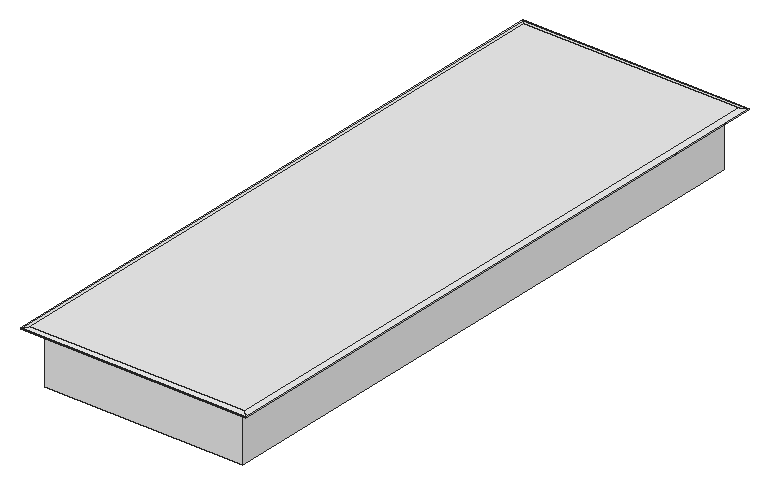
Revit family "Panel_Leviton_Indoor_42Pos", category Electrical Equipment, Revit 2026 (continued)
Definition of nested family "FrontView_42pos"
  Lines and regions (in)
    model lines
      curve 881: line (7.49048, 25.85738, 0) -> (7.49048, 25.84738, 0)
      curve 882: line (7.49048, 26.89749, 0) -> (7.49048, 26.88749, 0)
      curve 883: line (7.49048, 27.9376, 0) -> (7.49048, 27.9276, 0)
      curve 884: line (6.52371, 28.9904, 0) -> (6.53892, 28.9904, 0)
      curve 885: line (9.65904, 28.9904, 0) -> (9.67425, 28.9904, 0)
      curve 886: line (6.59441, 28.9904, 0) -> (6.5792, 28.98771, 0)
      curve 887: line (9.71453, 28.98771, 0) -> (9.72974, 28.9904, 0)
      curve 888: line (6.3568, 23.77716, 0) -> (6.3568, 23.76716, 0)
      curve 889: line (6.3568, 24.81727, 0) -> (6.3568, 24.80727, 0)
      curve 890: line (6.3568, 25.85738, 0) -> (6.3568, 25.84738, 0)
      curve 891: line (6.3568, 26.89749, 0) -> (6.3568, 26.88749, 0)
      curve 892: line (6.3568, 27.9376, 0) -> (6.3568, 27.9276, 0)
      curve 893: line (9.89665, 23.77716, 0) -> (9.89665, 23.76716, 0)
      curve 894: line (9.89665, 24.81727, 0) -> (9.89665, 24.80727, 0)
      curve 895: line (9.89665, 25.85738, 0) -> (9.89665, 25.84738, 0)
      curve 896: line (9.89665, 26.89749, 0) -> (9.89665, 26.88749, 0)
      curve 897: line (9.89665, 27.9376, 0) -> (9.89665, 27.9276, 0)
      curve 898: line (8.99187, 31.63958, 0) -> (8.94607, 31.60204, 0)
      curve 899: line (8.94607, 31.60204, 0) -> (8.89451, 31.53044, 0)
      curve 900: line (8.89451, 31.53044, 0) -> (8.86276, 31.44647, 0)
      curve 901: line (8.86276, 31.44647, 0) -> (8.85404, 31.35866, 0)
      curve 902: line (8.85404, 31.35866, 0) -> (8.86821, 31.27157, 0)
      curve 903: line (8.86821, 31.27157, 0) -> (8.90513, 31.18975, 0)
      curve 904: line (8.90513, 31.18975, 0) -> (8.96106, 31.1215, 0)
      curve 905: line (8.96106, 31.1215, 0) -> (9.03266, 31.06994, 0)
      curve 906: line (9.03266, 31.06994, 0) -> (9.11663, 31.03819, 0)
      curve 907: line (9.11663, 31.03819, 0) -> (9.20444, 31.02947, 0)
      curve 908: line (9.20444, 31.02947, 0) -> (9.29153, 31.04364, 0)
      curve 909: line (9.29153, 31.04364, 0) -> (9.37335, 31.08056, 0)
      curve 910: line (9.37335, 31.08056, 0) -> (9.44161, 31.13649, 0)
      curve 911: line (9.44161, 31.13649, 0) -> (9.49317, 31.20809, 0)
      curve 912: line (9.49317, 31.20809, 0) -> (9.52492, 31.29206, 0)
      curve 913: line (9.52492, 31.29206, 0) -> (9.53363, 31.37987, 0)
      curve 914: line (9.53363, 31.37987, 0) -> (9.51946, 31.46696, 0)
      curve 915: line (9.51946, 31.46696, 0) -> (9.48254, 31.54878, 0)
      curve 916: line (9.48254, 31.54878, 0) -> (9.42661, 31.61704, 0)
      curve 917: line (9.42661, 31.61704, 0) -> (9.35501, 31.6686, 0)
      curve 918: line (9.35501, 31.6686, 0) -> (9.27104, 31.70035, 0)
      curve 919: line (9.27104, 31.70035, 0) -> (9.18323, 31.70906, 0)
      curve 920: line (9.18323, 31.70906, 0) -> (9.09359, 31.69411, 0)
      curve 921: line (7.09663, 31.58231, 0) -> (7.03966, 31.56512, 0)
      curve 922: line (5.27792, 18.57004, 0) -> (6.19652, 18.57004, 0)
      curve 923: line (6.19827, 18.56795, 0) -> (6.25478, 18.56795, 0)
      curve 924: line (6.25653, 18.56969, 0) -> (6.44655, 18.56969, 0)
      curve 925: line (6.50655, 18.56969, 0) -> (6.61156, 18.56969, 0)
      curve 926: line (6.67157, 18.56969, 0) -> (7.53666, 18.56969, 0)
      curve 927: line (7.53858, 18.56778, 0) -> (7.5565, 18.56661, 0)
      curve 928: line (7.5565, 18.56661, 0) -> (7.53858, 18.57114, 0)
      curve 929: line (7.53667, 18.57108, 0) -> (7.49048, 18.57126, 0)
      curve 930: line (7.49048, 18.57126, 0) -> (6.42109, 18.57126, 0)
      curve 931: line (7.57619, 18.56661, 0) -> (7.59359, 18.56661, 0)
      curve 932: line (9.64188, 18.56969, 0) -> (9.74689, 18.56969, 0)
      curve 933: line (9.8069, 18.56969, 0) -> (9.99692, 18.56969, 0)
      curve 934: line (9.99867, 18.56795, 0) -> (10.05518, 18.56795, 0)
      curve 935: line (10.05693, 18.56969, 0) -> (11.64363, 18.56969, 0)
      curve 936: line (11.64584, 18.56795, 0) -> (11.70235, 18.56795, 0)
      curve 937: line (4.59961, 18.56795, 0) -> (4.55109, 18.56795, 0)
      curve 938: line (8.75679, 30.58158, 0) -> (8.75679, 30.55808, 0)
      curve 939: line (10.69863, 15.44628, 0) -> (10.69863, 15.45628, 0)
      curve 940: line (10.64122, 15.44628, 0) -> (10.64122, 15.45628, 0)
      curve 941: line (10.69863, 14.40617, 0) -> (10.69863, 14.41617, 0)
      curve 942: line (10.64122, 14.40617, 0) -> (10.64122, 14.41617, 0)
      curve 943: line (5.55481, 16.49639, 0) -> (5.55481, 16.48639, 0)
      curve 944: line (5.61222, 16.48639, 0) -> (5.61222, 16.49639, 0)
      curve 945: line (5.55481, 14.41617, 0) -> (5.55481, 14.40617, 0)
      curve 946: line (5.61222, 14.40617, 0) -> (5.61222, 14.41617, 0)
      curve 947: line (10.69863, 16.48639, 0) -> (10.69863, 16.49639, 0)
      curve 948: line (10.64122, 16.48639, 0) -> (10.64122, 16.49639, 0)
      curve 949: line (5.55481, 15.45628, 0) -> (5.55481, 15.44628, 0)
      curve 950: line (5.61222, 15.44628, 0) -> (5.61222, 15.45628, 0)
      curve 951: line (5.65222, 15.44628, 0) -> (5.65222, 15.45628, 0)
      curve 952: line (5.65222, 16.48639, 0) -> (5.65222, 16.49639, 0)
      curve 953: line (5.66312, 14.41617, 0) -> (5.65222, 14.40617, 0)
      curve 954: line (5.65222, 14.40617, 0) -> (5.65222, 14.41617, 0)
      curve 955: line (10.60123, 15.44628, 0) -> (10.60123, 15.45628, 0)
      curve 956: line (10.60123, 16.48639, 0) -> (10.60123, 16.49639, 0)
      curve 957: line (10.60123, 14.40617, 0) -> (10.60123, 14.41617, 0)
      curve 958: line (7.54724, 15.44628, 0) -> (7.54724, 15.45628, 0)
      curve 959: line (7.54724, 16.48639, 0) -> (7.54724, 16.49639, 0)
      curve 960: line (7.54724, 14.40617, 0) -> (7.54724, 14.41617, 0)
      curve 961: line (8.7062, 15.44628, 0) -> (8.7062, 15.45628, 0)
      curve 962: line (8.7062, 16.48639, 0) -> (8.7062, 16.49639, 0)
      curve 963: line (8.7062, 14.40617, 0) -> (8.7062, 14.41617, 0)
      curve 964: line (9.8312, 14.40617, 0) -> (9.8312, 14.41617, 0)
      curve 965: line (9.8312, 16.48639, 0) -> (9.8312, 16.49639, 0)
      curve 966: line (9.8312, 15.44628, 0) -> (9.8312, 15.45628, 0)
      curve 967: line (6.42225, 14.40617, 0) -> (6.42225, 14.41617, 0)
      curve 968: line (6.42225, 16.48639, 0) -> (6.42225, 16.49639, 0)
      curve 969: line (6.42225, 15.44628, 0) -> (6.42225, 15.45628, 0)
      curve 970: line (9.89619, 15.44628, 0) -> (9.89619, 15.45628, 0)
      curve 971: line (9.89619, 14.40617, 0) -> (9.89619, 14.41617, 0)
      curve 972: line (9.89619, 16.48639, 0) -> (9.89619, 16.49639, 0)
      curve 973: line (6.35725, 14.40617, 0) -> (6.35725, 14.41617, 0)
      curve 974: line (6.35725, 16.48639, 0) -> (6.35725, 16.49639, 0)
      curve 975: line (6.35725, 15.44628, 0) -> (6.35725, 15.45628, 0)
      curve 976: line (5.55481, 17.52978, 0) -> (5.55481, 17.5365, 0)
      curve 977: line (5.61222, 17.5365, 0) -> (5.61222, 17.52978, 0)
      curve 978: line (10.69863, 17.52978, 0) -> (10.69863, 17.5365, 0)
      curve 979: line (10.64122, 17.5365, 0) -> (10.64122, 17.52958, 0)
      curve 980: spline (5.65222, 13.37292, 0) -> (5.65216, 13.37294, 0) -> (5.65205, 13.37296, 0) -> (5.65189, 13.37297, 0) -> (5.65168, 13.37299, 0) -> (5.65142, 13.373, 0) -> (5.65111, 13.37302, 0) -> (5.65075, 13.37303, 0) -> (5.65034, 13.37305, 0) -> (5.64987, 13.37307, 0) -> (5.64936, 13.37308, 0) -> (5.6488, 13.3731, 0) -> (5.6482, 13.37311, 0)
      curve 981: spline (6.42109, 13.37072, 0) -> (6.41281, 13.37071, 0) -> (6.40468, 13.3707, 0) -> (6.39684, 13.37067, 0) -> (6.38941, 13.37064, 0) -> (6.38252, 13.3706, 0) -> (6.37628, 13.37055, 0) -> (6.37079, 13.3705, 0) -> (6.36614, 13.37044, 0) -> (6.36241, 13.37037, 0) -> (6.35966, 13.3703, 0) -> (6.35793, 13.37023, 0) -> (6.35725, 13.37016, 0)
      curve 982: spline (7.59867, 13.37298, 0) -> (7.59268, 13.37297, 0) -> (7.58685, 13.37295, 0) -> (7.58123, 13.37293, 0) -> (7.57586, 13.3729, 0) -> (7.5708, 13.37287, 0) -> (7.56609, 13.37284, 0) -> (7.56177, 13.3728, 0) -> (7.55788, 13.37276, 0) -> (7.55445, 13.37271, 0) -> (7.55152, 13.37267, 0) -> (7.54911, 13.37262, 0) -> (7.54724, 13.37257, 0)
      curve 983: spline (8.70606, 13.37257, 0) -> (8.70416, 13.37262, 0) -> (8.70173, 13.37267, 0) -> (8.69878, 13.37272, 0) -> (8.69535, 13.37276, 0) -> (8.69146, 13.3728, 0) -> (8.68716, 13.37284, 0) -> (8.68246, 13.37287, 0) -> (8.67743, 13.3729, 0) -> (8.67209, 13.37293, 0) -> (8.66651, 13.37295, 0) -> (8.66072, 13.37297, 0) -> (8.65478, 13.37298, 0)
      curve 984: spline (9.89619, 13.37016, 0) -> (9.8955, 13.37023, 0) -> (9.89374, 13.3703, 0) -> (9.89093, 13.37037, 0) -> (9.88712, 13.37044, 0) -> (9.88237, 13.3705, 0) -> (9.87676, 13.37055, 0) -> (9.8704, 13.3706, 0) -> (9.86337, 13.37064, 0) -> (9.85581, 13.37067, 0) -> (9.84784, 13.3707, 0) -> (9.83959, 13.37071, 0) -> (9.8312, 13.37072, 0)
      curve 985: spline (10.69863, 13.37325, 0) -> (10.69457, 13.37327, 0) -> (10.69021, 13.3733, 0) -> (10.6856, 13.37332, 0) -> (10.68079, 13.37333, 0) -> (10.67582, 13.37334, 0) -> (10.67076, 13.37335, 0) -> (10.66564, 13.37335, 0) -> (10.66054, 13.37335, 0) -> (10.65549, 13.37334, 0) -> (10.65055, 13.37333, 0) -> (10.64578, 13.37331, 0) -> (10.64122, 13.37329, 0)
      curve 986: spline (10.69863, 13.37325, 0) -> (10.70368, 13.37321, 0) -> (10.70874, 13.37317, 0) -> (10.71382, 13.37314, 0) -> (10.71892, 13.3731, 0) -> (10.72403, 13.37306, 0) -> (10.72916, 13.37303, 0) -> (10.73431, 13.37299, 0) -> (10.73948, 13.37295, 0) -> (10.74467, 13.37292, 0) -> (10.74987, 13.37288, 0) -> (10.75509, 13.37285, 0) -> (10.76033, 13.37281, 0)
      curve 987: spline (5.49308, 13.37281, 0) -> (5.49832, 13.37285, 0) -> (5.50354, 13.37288, 0) -> (5.50875, 13.37292, 0) -> (5.51394, 13.37295, 0) -> (5.51911, 13.37299, 0) -> (5.52426, 13.37303, 0) -> (5.5294, 13.37306, 0) -> (5.53452, 13.3731, 0) -> (5.53962, 13.37314, 0) -> (5.5447, 13.37317, 0) -> (5.54977, 13.37321, 0) -> (5.55481, 13.37325, 0)
      curve 988: spline (5.61222, 13.37329, 0) -> (5.60766, 13.37331, 0) -> (5.60289, 13.37333, 0) -> (5.59796, 13.37334, 0) -> (5.59291, 13.37335, 0) -> (5.5878, 13.37335, 0) -> (5.58269, 13.37335, 0) -> (5.57762, 13.37334, 0) -> (5.57266, 13.37333, 0) -> (5.56785, 13.37332, 0) -> (5.56324, 13.3733, 0) -> (5.55888, 13.37327, 0) -> (5.55481, 13.37325, 0)
      curve 989: spline (9.8312, 17.52801, 0) -> (9.83959, 17.52802, 0) -> (9.84784, 17.52803, 0) -> (9.85581, 17.52806, 0) -> (9.86337, 17.52809, 0) -> (9.87039, 17.52813, 0) -> (9.87676, 17.52818, 0) -> (9.88236, 17.52823, 0) -> (9.88711, 17.52829, 0) -> (9.89092, 17.52836, 0) -> (9.89374, 17.52843, 0) -> (9.8955, 17.5285, 0) -> (9.89619, 17.52857, 0)
      curve 990: spline (6.35725, 17.52857, 0) -> (6.35794, 17.5285, 0) -> (6.35971, 17.52843, 0) -> (6.36252, 17.52836, 0) -> (6.36633, 17.52829, 0) -> (6.37108, 17.52823, 0) -> (6.37669, 17.52818, 0) -> (6.38305, 17.52813, 0) -> (6.39007, 17.52809, 0) -> (6.39764, 17.52806, 0) -> (6.40561, 17.52803, 0) -> (6.41386, 17.52802, 0) -> (6.42225, 17.52801, 0)
      curve 991: spline (6.42225, 17.53222, 0) -> (6.41386, 17.53221, 0) -> (6.40561, 17.53218, 0) -> (6.39764, 17.53214, 0) -> (6.39007, 17.53207, 0) -> (6.38305, 17.53199, 0) -> (6.37669, 17.5319, 0) -> (6.37108, 17.53179, 0) -> (6.36633, 17.53166, 0) -> (6.36252, 17.53153, 0) -> (6.35971, 17.5314, 0) -> (6.35794, 17.53125, 0) -> (6.35725, 17.53111, 0)
      curve 992: spline (7.56889, 17.5365, 0) -> (7.56633, 17.53646, 0) -> (7.56388, 17.53642, 0) -> (7.56157, 17.53638, 0) -> (7.55938, 17.53634, 0) -> (7.55733, 17.53629, 0) -> (7.55543, 17.53624, 0) -> (7.55367, 17.53619, 0) -> (7.55206, 17.53614, 0) -> (7.55061, 17.53608, 0) -> (7.54932, 17.53603, 0) -> (7.5482, 17.53597, 0) -> (7.54724, 17.53592, 0)
      curve 993: spline (8.7062, 17.53592, 0) -> (8.70524, 17.53597, 0) -> (8.70412, 17.53603, 0) -> (8.70283, 17.53608, 0) -> (8.70138, 17.53614, 0) -> (8.69977, 17.53619, 0) -> (8.69801, 17.53624, 0) -> (8.69611, 17.53629, 0) -> (8.69406, 17.53634, 0) -> (8.69188, 17.53638, 0) -> (8.68956, 17.53642, 0) -> (8.68712, 17.53646, 0) -> (8.68456, 17.5365, 0)
      curve 994: spline (9.89619, 17.53111, 0) -> (9.8955, 17.53125, 0) -> (9.89374, 17.5314, 0) -> (9.89092, 17.53153, 0) -> (9.88711, 17.53166, 0) -> (9.88236, 17.53179, 0) -> (9.87676, 17.5319, 0) -> (9.87039, 17.53199, 0) -> (9.86337, 17.53207, 0) -> (9.85581, 17.53214, 0) -> (9.84784, 17.53218, 0) -> (9.83959, 17.53221, 0) -> (9.8312, 17.53222, 0)
      curve 995: line (11.76511, 15.42628, 0) -> (8.65478, 15.41729, 0)
      curve 996: line (8.65478, 15.41729, 0) -> (8.65478, 15.26874, 0)
      curve 997: line (8.65478, 15.26874, 0) -> (11.76511, 15.26874, 0)
      curve 998: line (11.76511, 15.26874, 0) -> (11.76511, 15.24177, 0)
      curve 999: line (11.76511, 15.24177, 0) -> (8.65478, 15.24177, 0)
      curve 1000: line (8.65478, 15.24177, 0) -> (8.65478, 15.26874, 0)
      curve 1001: line (8.65478, 17.34896, 0) -> (8.65478, 17.32199, 0)
      curve 1002: line (8.65478, 17.32199, 0) -> (11.76511, 17.32199, 0)
      curve 1003: line (11.76511, 17.32199, 0) -> (11.76511, 17.34896, 0)
      curve 1004: line (11.76511, 17.34896, 0) -> (11.76511, 17.49751, 0)
      curve 1005: line (7.59867, 16.46639, 0) -> (4.48834, 16.4574, 0)
      curve 1006: line (4.48834, 16.4574, 0) -> (4.48834, 16.30885, 0)
      curve 1007: line (4.48834, 16.30885, 0) -> (7.59867, 16.30885, 0)
      curve 1008: line (7.59867, 16.30885, 0) -> (7.59867, 16.28188, 0)
      curve 1009: line (7.59867, 16.28188, 0) -> (4.48834, 16.28188, 0)
      curve 1010: line (4.48834, 16.28188, 0) -> (4.48834, 16.30885, 0)
      curve 1011: line (4.48834, 14.22864, 0) -> (7.59867, 14.22864, 0)
      curve 1012: line (7.59867, 14.22864, 0) -> (7.59867, 14.20166, 0)
      curve 1013: line (7.59867, 14.20166, 0) -> (4.48834, 14.20166, 0)
      curve 1014: line (4.48834, 14.20166, 0) -> (4.48834, 14.22864, 0)
      curve 1015: line (4.48834, 14.22864, 0) -> (4.48834, 14.37718, 0)
      curve 1016: line (4.48834, 14.37718, 0) -> (7.59867, 14.38617, 0)
      curve 1017: line (4.48834, 18.3621, 0) -> (7.59867, 18.3621, 0)
      curve 1018: line (4.48834, 18.38907, 0) -> (4.48834, 18.3621, 0)
      curve 1019: line (4.48834, 18.3621, 0) -> (4.48834, 17.5365, 0)
      curve 1020: line (4.48834, 17.5365, 0) -> (7.59867, 17.5365, 0)
      curve 1021: line (7.59867, 17.5365, 0) -> (7.59867, 18.3621, 0)
      curve 1022: line (7.59867, 18.3621, 0) -> (7.59867, 18.38907, 0)
      curve 1023: line (8.65478, 17.32199, 0) -> (8.65478, 16.49639, 0)
      curve 1024: line (8.65478, 16.49639, 0) -> (11.76511, 16.49639, 0)
      curve 1025: line (11.76511, 16.49639, 0) -> (11.76511, 17.32199, 0)
      curve 1026: line (8.65478, 15.24177, 0) -> (8.65478, 14.41617, 0)
      curve 1027: line (8.65478, 14.41617, 0) -> (11.76511, 14.41617, 0)
      curve 1028: line (11.76511, 14.41617, 0) -> (11.76511, 15.24177, 0)
      curve 1029: line (4.48834, 16.28188, 0) -> (4.48834, 15.45628, 0)
      curve 1030: line (4.48834, 15.45628, 0) -> (7.59867, 15.45628, 0)
      curve 1031: line (7.59867, 15.45628, 0) -> (7.59867, 16.28188, 0)
      curve 1032: line (4.48834, 14.20166, 0) -> (4.48834, 13.37606, 0)
      curve 1033: line (4.48834, 13.37606, 0) -> (7.59867, 13.37606, 0)
      curve 1034: line (7.59867, 13.37606, 0) -> (7.59867, 14.20166, 0)
      curve 1035: line (4.48834, 15.26874, 0) -> (4.48834, 15.24177, 0)
      curve 1036: line (4.48834, 15.24177, 0) -> (7.59867, 15.24177, 0)
      curve 1037: line (7.59867, 15.24177, 0) -> (7.59867, 15.26874, 0)
      curve 1038: line (7.59867, 15.26874, 0) -> (7.59867, 15.41729, 0)
      curve 1039: line (8.65478, 14.22864, 0) -> (11.76511, 14.22864, 0)
      curve 1040: line (11.76511, 14.22864, 0) -> (11.76511, 14.20166, 0)
      curve 1041: line (11.76511, 14.20166, 0) -> (8.65478, 14.20166, 0)
      curve 1042: line (8.65478, 14.20166, 0) -> (8.65478, 14.22864, 0)
      curve 1043: line (8.65478, 14.22864, 0) -> (8.65478, 14.37718, 0)
      curve 1044: line (8.65478, 14.37718, 0) -> (8.65478, 14.38617, 0)
      curve 1045: line (8.65478, 18.54661, 0) -> (8.65478, 18.53762, 0)
      curve 1046: line (8.65478, 18.53762, 0) -> (8.65478, 18.38907, 0)
      curve 1047: line (8.65478, 18.38907, 0) -> (8.65478, 18.3621, 0)
      curve 1048: line (8.65478, 18.3621, 0) -> (11.76511, 18.3621, 0)
      curve 1049: line (8.65478, 16.30885, 0) -> (11.76511, 16.30885, 0)
      curve 1050: line (11.76511, 16.30885, 0) -> (11.76511, 16.28188, 0)
      curve 1051: line (11.76511, 16.28188, 0) -> (8.65478, 16.28188, 0)
      curve 1052: line (8.65478, 16.28188, 0) -> (8.65478, 16.30885, 0)
      curve 1053: line (8.65478, 16.30885, 0) -> (8.65478, 16.4574, 0)
      curve 1054: line (8.65478, 16.4574, 0) -> (11.76511, 16.46639, 0)
      curve 1055: line (4.48834, 17.34896, 0) -> (4.48834, 17.32199, 0)
      curve 1056: line (4.48834, 17.32199, 0) -> (7.59867, 17.32199, 0)
      curve 1057: line (7.59867, 17.32199, 0) -> (7.59867, 17.34896, 0)
      curve 1058: line (8.65478, 16.28188, 0) -> (8.65478, 15.45628, 0)
      curve 1059: line (8.65478, 15.45628, 0) -> (11.76511, 15.45628, 0)
      curve 1060: line (11.76511, 15.45628, 0) -> (11.76511, 16.28188, 0)
      curve 1061: line (7.59867, 14.41617, 0) -> (4.48834, 14.41617, 0)
      curve 1062: line (4.48834, 14.41617, 0) -> (4.48834, 15.24177, 0)
      curve 1063: line (10.76033, 13.37281, 0) -> (11.76511, 13.37606, 0)
      curve 1064: line (11.76511, 13.37606, 0) -> (11.76511, 14.20166, 0)
      curve 1065: line (9.58188, 13.36915, 0) -> (8.65478, 13.37255, 0)
      curve 1066: line (8.65478, 13.37255, 0) -> (8.7246, 13.37028, 0)
      curve 1067: line (8.7246, 13.37028, 0) -> (9.66299, 13.37028, 0)
      curve 1068: line (9.66718, 13.36923, 0) -> (9.7216, 13.36923, 0)
      curve 1069: line (9.72579, 13.37028, 0) -> (9.8469, 13.37028, 0)
      curve 1070: line (9.85005, 13.3695, 0) -> (11.64363, 13.3695, 0)
      curve 1071: line (11.64363, 13.36915, 0) -> (11.70992, 13.36915, 0)
      curve 1072: line (11.70992, 13.36915, 0) -> (11.76511, 13.37606, 0)
      curve 1073: line (11.76511, 13.37606, 0) -> (8.65478, 13.37606, 0)
      curve 1074: line (8.65478, 13.37606, 0) -> (8.65478, 14.20166, 0)
      curve 1075: line (8.65478, 18.38907, 0) -> (11.76511, 18.38907, 0)
      curve 1076: line (4.48834, 17.32199, 0) -> (4.48834, 16.49639, 0)
      curve 1077: line (4.48834, 16.49639, 0) -> (7.59867, 16.49639, 0)
      curve 1078: line (7.59867, 16.49639, 0) -> (7.59867, 17.32199, 0)
      curve 1079: line (4.48834, 15.42628, 0) -> (4.48834, 15.41729, 0)
      curve 1080: line (4.48834, 15.41729, 0) -> (7.59867, 15.41729, 0)
      curve 1081: line (7.59867, 15.41729, 0) -> (7.59867, 15.42628, 0)
      curve 1082: line (7.59867, 15.42628, 0) -> (4.48834, 15.41729, 0)
      curve 1083: line (4.48834, 15.41729, 0) -> (4.48834, 15.26874, 0)
      curve 1084: line (4.48834, 15.26874, 0) -> (7.59867, 15.26874, 0)
      curve 1085: line (7.59867, 18.54661, 0) -> (4.48834, 18.53762, 0)
      curve 1086: line (4.48834, 18.53762, 0) -> (7.59867, 18.53762, 0)
      curve 1087: line (7.59867, 18.53762, 0) -> (7.59867, 18.38907, 0)
      curve 1088: line (7.59867, 18.38907, 0) -> (4.48834, 18.38907, 0)
      curve 1089: line (4.48834, 18.38907, 0) -> (4.48834, 18.53762, 0)
      curve 1090: line (4.48834, 18.53762, 0) -> (4.48834, 18.54661, 0)
      curve 1091: line (11.76511, 14.38617, 0) -> (8.65478, 14.37718, 0)
      curve 1092: line (8.65478, 14.37718, 0) -> (11.76511, 14.37718, 0)
      curve 1093: line (11.76511, 14.37718, 0) -> (11.76511, 14.22864, 0)
      curve 1094: line (4.48834, 14.38617, 0) -> (4.48834, 14.37718, 0)
      curve 1095: line (4.48834, 14.37718, 0) -> (7.59867, 14.37718, 0)
      curve 1096: line (7.59867, 14.37718, 0) -> (7.59867, 14.22864, 0)
      curve 1097: line (8.65478, 15.42628, 0) -> (8.65478, 15.41729, 0)
      curve 1098: line (8.65478, 15.41729, 0) -> (11.76511, 15.41729, 0)
      curve 1099: line (11.76511, 15.41729, 0) -> (11.76511, 15.26874, 0)
      curve 1100: line (8.65478, 17.5065, 0) -> (8.65478, 17.49751, 0)
      curve 1101: line (8.65478, 17.49751, 0) -> (11.76511, 17.49751, 0)
      curve 1102: line (11.76511, 17.49751, 0) -> (11.76511, 17.5065, 0)
      curve 1103: line (11.76511, 17.5065, 0) -> (8.65478, 17.49751, 0)
      curve 1104: line (8.65478, 17.49751, 0) -> (8.65478, 17.34896, 0)
      curve 1105: line (8.65478, 17.34896, 0) -> (11.76511, 17.34896, 0)
      curve 1106: line (8.65478, 18.3621, 0) -> (8.65478, 17.5365, 0)
      curve 1107: line (8.65478, 17.5365, 0) -> (11.76511, 17.5365, 0)
      curve 1108: line (11.76511, 17.5365, 0) -> (11.76511, 18.3621, 0)
      curve 1109: line (11.76511, 18.3621, 0) -> (11.76511, 18.38907, 0)
      curve 1110: line (11.76511, 18.38907, 0) -> (11.76511, 18.54661, 0)
      curve 1111: line (11.76511, 18.54661, 0) -> (8.65478, 18.53762, 0)
      curve 1112: line (8.65478, 18.53762, 0) -> (11.76511, 18.53762, 0)
      curve 1113: line (4.48834, 16.46639, 0) -> (4.48834, 16.4574, 0)
      curve 1114: line (4.48834, 16.4574, 0) -> (7.59867, 16.4574, 0)
      curve 1115: line (7.59867, 16.4574, 0) -> (7.59867, 16.30885, 0)
      curve 1116: line (8.65478, 16.46639, 0) -> (8.65478, 16.4574, 0)
      curve 1117: line (8.65478, 16.4574, 0) -> (11.76511, 16.4574, 0)
      curve 1118: line (11.76511, 16.4574, 0) -> (11.76511, 16.30885, 0)
      curve 1119: line (4.48834, 17.5065, 0) -> (4.48834, 17.49751, 0)
      curve 1120: line (4.48834, 17.49751, 0) -> (7.59867, 17.49751, 0)
      curve 1121: line (7.59867, 17.49751, 0) -> (7.59867, 17.5065, 0)
      curve 1122: line (7.59867, 17.5065, 0) -> (4.48834, 17.49751, 0)
      curve 1123: line (4.48834, 17.49751, 0) -> (4.48834, 17.34896, 0)
      curve 1124: line (4.48834, 17.34896, 0) -> (7.59867, 17.34896, 0)
      curve 1125: line (7.59867, 17.34896, 0) -> (7.59867, 17.49751, 0)
      curve 1126: line (8.65478, 13.37606, 0) -> (8.65478, 13.36606, 0)
      curve 1127: line (8.65478, 13.36606, 0) -> (11.76511, 13.36606, 0)
      curve 1128: line (11.76511, 13.36606, 0) -> (11.76511, 13.37606, 0)
      curve 1129: line (8.65478, 16.49639, 0) -> (8.65478, 16.48639, 0)
      curve 1130: line (8.65478, 16.48639, 0) -> (11.76511, 16.48639, 0)
      curve 1131: line (11.76511, 16.48639, 0) -> (11.76511, 16.49639, 0)
      curve 1132: line (8.65478, 15.45628, 0) -> (8.65478, 15.44628, 0)
      curve 1133: line (8.65478, 15.44628, 0) -> (11.76511, 15.44628, 0)
      curve 1134: line (11.76511, 15.44628, 0) -> (11.76511, 15.45628, 0)
      curve 1135: line (8.65478, 14.41617, 0) -> (8.65478, 14.40617, 0)
      curve 1136: line (8.65478, 14.40617, 0) -> (11.76511, 14.40617, 0)
      curve 1137: line (11.76511, 14.40617, 0) -> (11.76511, 14.41617, 0)
      curve 1138: line (4.48834, 13.37606, 0) -> (4.48834, 13.36606, 0)
      curve 1139: line (4.48834, 13.36606, 0) -> (7.59867, 13.36606, 0)
      curve 1140: line (7.59867, 13.36606, 0) -> (7.59867, 13.37606, 0)
      curve 1141: line (7.59867, 13.37255, 0) -> (7.52885, 13.37028, 0)
      curve 1142: line (7.52885, 13.37028, 0) -> (6.59046, 13.37028, 0)
      curve 1143: line (6.58627, 13.36923, 0) -> (6.53185, 13.36923, 0)
      curve 1144: line (6.52766, 13.37028, 0) -> (6.40654, 13.37028, 0)
      curve 1145: line (6.4034, 13.3695, 0) -> (4.61121, 13.3695, 0)
      curve 1146: line (4.61121, 13.3695, 0) -> (4.54353, 13.36915, 0)
      curve 1147: line (4.54353, 13.36915, 0) -> (4.48834, 13.36915, 0)
      curve 1148: line (4.48834, 13.36915, 0) -> (5.49308, 13.37281, 0)
      curve 1149: line (4.48834, 16.49639, 0) -> (4.48834, 16.48639, 0)
      curve 1150: line (4.48834, 16.48639, 0) -> (7.59867, 16.48639, 0)
      curve 1151: line (7.59867, 16.48639, 0) -> (7.59867, 16.49639, 0)
      curve 1152: line (4.48834, 15.45628, 0) -> (4.48834, 15.44628, 0)
      curve 1153: line (4.48834, 15.44628, 0) -> (7.59867, 15.44628, 0)
      curve 1154: line (7.59867, 15.44628, 0) -> (7.59867, 15.45628, 0)
      curve 1155: line (4.48834, 14.41617, 0) -> (4.48834, 14.40617, 0)
      curve 1156: line (4.48834, 14.40617, 0) -> (7.59867, 14.40617, 0)
      curve 1157: line (7.59867, 14.40617, 0) -> (7.59867, 14.41617, 0)
      curve 1158: line (7.59867, 14.41617, 0) -> (7.59867, 15.24177, 0)
      curve 1159: line (5.61222, 13.37329, 0) -> (5.65812, 13.36997, 0)
      curve 1160: line (5.65812, 13.36997, 0) -> (5.65222, 13.37292, 0)
      curve 1161: line (5.65222, 13.37292, 0) -> (5.65812, 13.36997, 0)
      curve 1162: line (5.65812, 13.36997, 0) -> (6.3568, 13.36997, 0)
      curve 1163: line (9.8312, 13.37072, 0) -> (8.76297, 13.37072, 0)
      curve 1164: line (8.76297, 13.37072, 0) -> (8.70606, 13.37257, 0)
      curve 1165: line (9.89619, 13.37016, 0) -> (10.59033, 13.37016, 0)
      curve 1166: line (10.59533, 13.36997, 0) -> (10.64122, 13.37329, 0)
      curve 1167: line (9.83754, 17.53135, 0) -> (9.8312, 17.52801, 0)
      curve 1168: line (9.8312, 17.52801, 0) -> (8.76297, 17.52801, 0)
      curve 1169: line (8.76297, 17.52801, 0) -> (8.71658, 17.5265, 0)
      curve 1170: line (8.71658, 17.5265, 0) -> (8.72076, 17.5316, 0)
      curve 1171: line (8.72076, 17.5316, 0) -> (8.76297, 17.53222, 0)
      curve 1172: line (8.76297, 17.53222, 0) -> (9.8312, 17.53222, 0)
      curve 1173: line (7.53269, 17.5316, 0) -> (7.53687, 17.5265, 0)
      curve 1174: line (7.53687, 17.5265, 0) -> (7.49048, 17.52801, 0)
      curve 1175: line (7.49048, 17.52801, 0) -> (6.42225, 17.52801, 0)
      curve 1176: line (6.42225, 17.52801, 0) -> (6.41591, 17.53135, 0)
      curve 1177: line (6.41277, 17.53135, 0) -> (7.49048, 17.53135, 0)
      curve 1178: line (7.49048, 17.53135, 0) -> (7.54724, 17.53592, 0)
      curve 1179: line (10.60525, 14.40617, 0) -> (10.60525, 14.41617, 0)
      curve 1180: line (10.60525, 15.44628, 0) -> (10.60525, 15.45628, 0)
      curve 1181: line (10.60525, 16.48639, 0) -> (10.60525, 16.49639, 0)
      curve 1182: line (5.6482, 14.40617, 0) -> (5.6482, 14.41617, 0)
      curve 1183: line (5.6482, 16.48639, 0) -> (5.6482, 16.49639, 0)
      curve 1184: line (5.6482, 15.44628, 0) -> (5.6482, 15.45628, 0)
      curve 1185: line (10.76031, 15.45628, 0) -> (10.76031, 15.44628, 0)
      curve 1186: line (10.76031, 14.41617, 0) -> (10.76031, 14.40617, 0)
      curve 1187: line (10.76031, 16.49639, 0) -> (10.76031, 16.48639, 0)
      curve 1188: line (5.49313, 14.40617, 0) -> (5.49313, 14.41617, 0)
      curve 1189: line (5.49313, 15.44628, 0) -> (5.49313, 15.45628, 0)
      curve 1190: line (5.49313, 16.48639, 0) -> (5.49313, 16.49639, 0)
      curve 1191: line (7.49048, 14.40617, 0) -> (7.49048, 14.41617, 0)
      curve 1192: line (7.49048, 16.48639, 0) -> (7.49048, 16.49639, 0)
      curve 1193: line (7.49048, 15.44628, 0) -> (7.49048, 15.45628, 0)
      curve 1194: line (8.76297, 16.48639, 0) -> (8.76297, 16.49639, 0)
      curve 1195: line (8.76297, 14.40617, 0) -> (8.76297, 14.41617, 0)
      curve 1196: line (8.76297, 15.44628, 0) -> (8.76297, 15.45628, 0)
      curve 1197: line (6.3568, 14.40617, 0) -> (6.3568, 14.41617, 0)
      curve 1198: line (6.3568, 16.48639, 0) -> (6.3568, 16.49639, 0)
      curve 1199: line (6.3568, 15.44628, 0) -> (6.3568, 15.45628, 0)
      curve 1200: line (9.89665, 16.48639, 0) -> (9.89665, 16.49639, 0)
      curve 1201: line (9.89665, 14.40617, 0) -> (9.89665, 14.41617, 0)
      curve 1202: line (9.89665, 15.44628, 0) -> (9.89665, 15.45628, 0)
      curve 1203: line (11.76511, 17.52978, 0) -> (10.76031, 17.52978, 0)
      curve 1204: line (10.76031, 17.52978, 0) -> (10.76031, 17.5365, 0)
      curve 1205: line (10.76031, 17.5365, 0) -> (10.69863, 17.52978, 0)
      curve 1206: line (10.69863, 17.52978, 0) -> (10.64071, 17.52928, 0)
      curve 1207: line (10.63949, 17.52958, 0) -> (10.61672, 17.52978, 0)
      curve 1208: line (10.61672, 17.52978, 0) -> (10.59984, 17.5265, 0)
      curve 1209: line (10.59033, 17.5288, 0) -> (9.89665, 17.5288, 0)
      curve 1210: line (9.89665, 17.5288, 0) -> (9.91319, 17.52928, 0)
      curve 1211: line (9.91441, 17.52978, 0) -> (9.89665, 17.53065, 0)
      curve 1212: line (9.89665, 17.53065, 0) -> (10.59524, 17.53065, 0)
      curve 1213: line (10.59524, 17.53065, 0) -> (10.6011, 17.5365, 0)
      curve 1214: line (10.6011, 17.5365, 0) -> (10.6161, 17.5365, 0)
      curve 1215: line (10.6161, 17.5365, 0) -> (10.60937, 17.52978, 0)
      curve 1216: line (10.60937, 17.52978, 0) -> (9.85005, 17.52978, 0)
      curve 1217: line (9.8469, 17.53135, 0) -> (9.72579, 17.53135, 0)
      curve 1218: line (9.72348, 17.53019, 0) -> (9.73064, 17.5295, 0)
      curve 1219: line (9.73376, 17.53135, 0) -> (9.72209, 17.5295, 0)
      curve 1220: line (9.72209, 17.5295, 0) -> (9.73064, 17.5295, 0)
      curve 1221: line (9.73376, 17.52849, 0) -> (9.83754, 17.52849, 0)
      curve 1222: line (9.84068, 17.52928, 0) -> (9.91319, 17.52928, 0)
      curve 1223: line (9.91319, 17.52928, 0) -> (10.63949, 17.52928, 0)
      curve 1224: line (10.63949, 17.52958, 0) -> (11.62587, 17.52958, 0)
      curve 1225: line (11.62587, 17.52928, 0) -> (11.70992, 17.52958, 0)
      curve 1226: line (11.70992, 17.52958, 0) -> (11.76511, 17.52958, 0)
      curve 1227: line (11.76511, 17.5265, 0) -> (8.65478, 17.5265, 0)
      curve 1228: line (8.65478, 17.5265, 0) -> (8.65478, 17.5365, 0)
      curve 1229: line (8.65478, 17.5365, 0) -> (8.72076, 17.52849, 0)
      curve 1230: line (8.72076, 17.52849, 0) -> (9.65502, 17.52849, 0)
      curve 1231: line (9.65904, 17.5295, 0) -> (9.66669, 17.5295, 0)
      curve 1232: line (9.66669, 17.5295, 0) -> (9.65502, 17.53135, 0)
      curve 1233: line (9.66299, 17.53135, 0) -> (8.7246, 17.53135, 0)
      curve 1234: line (8.7246, 17.53135, 0) -> (8.65492, 17.53589, 0)
      curve 1235: line (4.48834, 17.52978, 0) -> (5.49313, 17.52978, 0)
      curve 1236: line (5.49313, 17.52978, 0) -> (5.49313, 17.5365, 0)
      curve 1237: line (5.49313, 17.5365, 0) -> (5.55481, 17.52978, 0)
      curve 1238: line (5.55481, 17.52978, 0) -> (5.61222, 17.52978, 0)
      curve 1239: line (5.61222, 17.52978, 0) -> (5.63673, 17.52978, 0)
      curve 1240: line (5.63673, 17.52978, 0) -> (5.6582, 17.53065, 0)
      curve 1241: line (5.6582, 17.53065, 0) -> (6.3568, 17.53065, 0)
      curve 1242: line (6.3568, 17.5288, 0) -> (5.66312, 17.5288, 0)
      curve 1243: line (5.65361, 17.5265, 0) -> (5.63673, 17.5365, 0)
      curve 1244: line (5.63673, 17.5365, 0) -> (5.6582, 17.53065, 0)
      curve 1245: line (5.6582, 17.53065, 0) -> (5.64346, 17.52978, 0)
      curve 1246: line (5.64346, 17.52978, 0) -> (6.4034, 17.52978, 0)
      curve 1247: line (6.40654, 17.53135, 0) -> (6.52766, 17.53135, 0)
      curve 1248: line (6.51969, 17.53135, 0) -> (6.53136, 17.5295, 0)
      curve 1249: line (6.53136, 17.5295, 0) -> (6.52371, 17.5295, 0)
      curve 1250: line (6.51969, 17.52849, 0) -> (6.41591, 17.52849, 0)
      curve 1251: line (6.41277, 17.52928, 0) -> (4.62635, 17.52928, 0)
      curve 1252: line (4.62635, 17.52958, 0) -> (4.54353, 17.52958, 0)
      curve 1253: line (4.54353, 17.52958, 0) -> (4.48834, 17.5365, 0)
      curve 1254: line (4.48834, 17.5365, 0) -> (4.48834, 17.5265, 0)
      curve 1255: line (4.48834, 17.5265, 0) -> (7.59867, 17.5265, 0)
      curve 1256: line (7.59867, 17.5265, 0) -> (7.59867, 17.5365, 0)
      curve 1257: line (7.59852, 17.53589, 0) -> (7.52885, 17.53135, 0)
      curve 1258: line (7.52885, 17.53135, 0) -> (6.59046, 17.53135, 0)
      curve 1259: line (6.58893, 17.53058, 0) -> (6.59843, 17.53135, 0)
      curve 1260: line (6.59843, 17.53135, 0) -> (6.58676, 17.5295, 0)
      curve 1261: line (6.58676, 17.5295, 0) -> (6.59441, 17.5295, 0)
      curve 1262: line (6.59843, 17.52849, 0) -> (7.53269, 17.52849, 0)
      curve 1263: line (7.53269, 17.52849, 0) -> (7.59382, 17.5265, 0)
      curve 1264: line (10.59524, 17.53065, 0) -> (10.60998, 17.53039, 0)
      curve 1265: line (10.60937, 17.52978, 0) -> (10.61672, 17.52978, 0)
      curve 1266: line (10.61672, 17.52978, 0) -> (10.60937, 17.52978, 0)
      curve 1267: line (5.27792, 13.3695, 0) -> (6.19652, 13.3695, 0)
      curve 1268: line (6.19827, 13.3674, 0) -> (6.25478, 13.3674, 0)
      curve 1269: line (6.25653, 13.36915, 0) -> (6.44655, 13.36915, 0)
      curve 1270: line (6.50655, 13.36915, 0) -> (6.61156, 13.36915, 0)
      curve 1271: line (6.67157, 13.36915, 0) -> (7.53666, 13.36915, 0)
      curve 1272: line (7.53858, 13.36723, 0) -> (7.5565, 13.36606, 0)
      curve 1273: line (7.5565, 13.36606, 0) -> (7.53858, 13.3706, 0)
      curve 1274: line (7.53667, 13.37053, 0) -> (7.49048, 13.37072, 0)
      curve 1275: line (7.49048, 13.37072, 0) -> (6.42109, 13.37072, 0)
      curve 1276: line (9.64188, 13.36915, 0) -> (9.74689, 13.36915, 0)
      curve 1277: line (9.8069, 13.36915, 0) -> (9.99692, 13.36915, 0)
      curve 1278: line (9.99867, 13.3674, 0) -> (10.05518, 13.3674, 0)
      curve 1279: line (10.05693, 13.36915, 0) -> (11.64363, 13.36915, 0)
      curve 1280: line (11.64584, 13.3674, 0) -> (11.70235, 13.3674, 0)
      curve 1281: line (4.59961, 13.3674, 0) -> (4.55109, 13.3674, 0)
      curve 1282: line (10.69863, 13.36606, 0) -> (10.69863, 13.37606, 0)
      curve 1283: line (10.64122, 13.36606, 0) -> (10.64122, 13.37606, 0)
      curve 1284: line (5.55481, 13.37606, 0) -> (5.55481, 13.36606, 0)
      curve 1285: line (5.61222, 13.36606, 0) -> (5.61222, 13.37606, 0)
      curve 1286: line (5.66312, 13.37606, 0) -> (5.65222, 13.36606, 0)
      curve 1287: line (5.65222, 13.36606, 0) -> (5.65222, 13.37606, 0)
      curve 1288: line (10.60123, 13.36606, 0) -> (10.60123, 13.37606, 0)
      curve 1289: line (7.54724, 13.36606, 0) -> (7.54724, 13.37606, 0)
      curve 1290: line (8.7062, 13.36606, 0) -> (8.7062, 13.37606, 0)
      curve 1291: line (9.8312, 13.36606, 0) -> (9.8312, 13.37606, 0)
      curve 1292: line (6.42225, 13.36606, 0) -> (6.42225, 13.37606, 0)
      curve 1293: line (9.89619, 13.36606, 0) -> (9.89619, 13.37606, 0)
      curve 1294: line (6.35725, 13.36606, 0) -> (6.35725, 13.37606, 0)
      curve 1295: spline (5.65222, 12.33281, 0) -> (5.65216, 12.33283, 0) -> (5.65205, 12.33285, 0) -> (5.65189, 12.33286, 0) -> (5.65168, 12.33288, 0) -> (5.65142, 12.33289, 0) -> (5.65111, 12.33291, 0) -> (5.65075, 12.33292, 0) -> (5.65034, 12.33294, 0) -> (5.64987, 12.33296, 0) -> (5.64936, 12.33297, 0) -> (5.6488, 12.33299, 0) -> (5.6482, 12.333, 0)
      curve 1296: spline (6.42109, 12.33061, 0) -> (6.41281, 12.3306, 0) -> (6.40468, 12.33059, 0) -> (6.39684, 12.33056, 0) -> (6.38941, 12.33053, 0) -> (6.38252, 12.33049, 0) -> (6.37628, 12.33044, 0) -> (6.37079, 12.33039, 0) -> (6.36614, 12.33033, 0) -> (6.36241, 12.33026, 0) -> (6.35966, 12.33019, 0) -> (6.35793, 12.33012, 0) -> (6.35725, 12.33005, 0)
      curve 1297: spline (7.59867, 12.33287, 0) -> (7.59268, 12.33286, 0) -> (7.58685, 12.33284, 0) -> (7.58123, 12.33282, 0) -> (7.57586, 12.33279, 0) -> (7.5708, 12.33276, 0) -> (7.56609, 12.33273, 0) -> (7.56177, 12.33269, 0) -> (7.55788, 12.33265, 0) -> (7.55445, 12.3326, 0) -> (7.55152, 12.33256, 0) -> (7.54911, 12.33251, 0) -> (7.54724, 12.33246, 0)
      curve 1298: spline (8.70606, 12.33246, 0) -> (8.70416, 12.33251, 0) -> (8.70173, 12.33256, 0) -> (8.69878, 12.33261, 0) -> (8.69535, 12.33265, 0) -> (8.69146, 12.33269, 0) -> (8.68716, 12.33273, 0) -> (8.68246, 12.33276, 0) -> (8.67743, 12.33279, 0) -> (8.67209, 12.33282, 0) -> (8.66651, 12.33284, 0) -> (8.66072, 12.33286, 0) -> (8.65478, 12.33287, 0)
      curve 1299: spline (9.89619, 12.33005, 0) -> (9.8955, 12.33012, 0) -> (9.89374, 12.33019, 0) -> (9.89093, 12.33026, 0) -> (9.88712, 12.33033, 0) -> (9.88237, 12.33039, 0) -> (9.87676, 12.33044, 0) -> (9.8704, 12.33049, 0) -> (9.86337, 12.33053, 0) -> (9.85581, 12.33057, 0) -> (9.84784, 12.33059, 0) -> (9.83959, 12.3306, 0) -> (9.8312, 12.33061, 0)
      curve 1300: spline (10.69863, 12.33314, 0) -> (10.69457, 12.33316, 0) -> (10.69021, 12.33319, 0) -> (10.6856, 12.33321, 0) -> (10.68079, 12.33322, 0) -> (10.67582, 12.33323, 0) -> (10.67076, 12.33324, 0) -> (10.66564, 12.33324, 0) -> (10.66054, 12.33324, 0) -> (10.65549, 12.33323, 0) -> (10.65055, 12.33322, 0) -> (10.64578, 12.3332, 0) -> (10.64122, 12.33318, 0)
      curve 1301: spline (10.69863, 12.33314, 0) -> (10.70368, 12.3331, 0) -> (10.70874, 12.33306, 0) -> (10.71382, 12.33303, 0) -> (10.71892, 12.33299, 0) -> (10.72403, 12.33295, 0) -> (10.72916, 12.33292, 0) -> (10.73431, 12.33288, 0) -> (10.73948, 12.33284, 0) -> (10.74467, 12.33281, 0) -> (10.74987, 12.33277, 0) -> (10.75509, 12.33274, 0) -> (10.76033, 12.3327, 0)
      curve 1302: spline (5.49308, 12.3327, 0) -> (5.49832, 12.33274, 0) -> (5.50354, 12.33277, 0) -> (5.50875, 12.33281, 0) -> (5.51394, 12.33284, 0) -> (5.51911, 12.33288, 0) -> (5.52426, 12.33292, 0) -> (5.5294, 12.33295, 0) -> (5.53452, 12.33299, 0) -> (5.53962, 12.33303, 0) -> (5.5447, 12.33306, 0) -> (5.54977, 12.3331, 0) -> (5.55481, 12.33314, 0)
      curve 1303: spline (5.61222, 12.33318, 0) -> (5.60766, 12.3332, 0) -> (5.60289, 12.33322, 0) -> (5.59796, 12.33323, 0) -> (5.59291, 12.33324, 0) -> (5.5878, 12.33324, 0) -> (5.58269, 12.33324, 0) -> (5.57762, 12.33323, 0) -> (5.57266, 12.33322, 0) -> (5.56785, 12.33321, 0) -> (5.56324, 12.33319, 0) -> (5.55888, 12.33316, 0) -> (5.55481, 12.33314, 0)
      curve 1304: line (4.48834, 13.18853, 0) -> (7.59867, 13.18853, 0)
      curve 1305: line (7.59867, 13.18853, 0) -> (7.59867, 13.16155, 0)
      curve 1306: line (7.59867, 13.16155, 0) -> (4.48834, 13.16155, 0)
      curve 1307: line (4.48834, 13.16155, 0) -> (4.48834, 13.18853, 0)
      curve 1308: line (4.48834, 13.18853, 0) -> (4.48834, 13.33707, 0)
      curve 1309: line (4.48834, 13.33707, 0) -> (7.59867, 13.34606, 0)
      curve 1310: line (8.65478, 13.37606, 0) -> (11.76511, 13.37606, 0)
      curve 1311: line (4.48834, 13.16155, 0) -> (4.48834, 12.33596, 0)
      curve 1312: line (4.48834, 12.33596, 0) -> (7.59867, 12.33596, 0)
      curve 1313: line (7.59867, 12.33596, 0) -> (7.59867, 13.16155, 0)
      curve 1314: line (8.65478, 13.18853, 0) -> (11.76511, 13.18853, 0)
      curve 1315: line (11.76511, 13.18853, 0) -> (11.76511, 13.16155, 0)
      curve 1316: line (11.76511, 13.16155, 0) -> (8.65478, 13.16155, 0)
      curve 1317: line (8.65478, 13.16155, 0) -> (8.65478, 13.18853, 0)
      curve 1318: line (8.65478, 13.18853, 0) -> (8.65478, 13.33707, 0)
      curve 1319: line (8.65478, 13.33707, 0) -> (8.65478, 13.34606, 0)
      curve 1320: line (7.59867, 13.37606, 0) -> (4.48834, 13.37606, 0)
      curve 1321: line (10.76033, 12.3327, 0) -> (11.76511, 12.33596, 0)
      curve 1322: line (11.76511, 12.33596, 0) -> (11.76511, 13.16155, 0)
      curve 1323: line (9.58188, 12.32904, 0) -> (8.65494, 12.33244, 0)
      curve 1324: line (8.65494, 12.33244, 0) -> (8.7246, 12.33017, 0)
      curve 1325: line (8.7246, 12.33017, 0) -> (9.66299, 12.33017, 0)
      curve 1326: line (9.66718, 12.32912, 0) -> (9.7216, 12.32912, 0)
      curve 1327: line (9.72579, 12.33017, 0) -> (9.8469, 12.33017, 0)
      curve 1328: line (9.85005, 12.32939, 0) -> (11.64363, 12.32939, 0)
      curve 1329: line (11.64363, 12.32904, 0) -> (11.70992, 12.32904, 0)
      curve 1330: line (11.70992, 12.32904, 0) -> (11.76511, 12.33596, 0)
      curve 1331: line (11.76511, 12.33596, 0) -> (8.65478, 12.33596, 0)
      curve 1332: line (8.65478, 12.33596, 0) -> (8.65478, 13.16155, 0)
      curve 1333: line (11.76511, 13.34606, 0) -> (8.65478, 13.33707, 0)
      curve 1334: line (8.65478, 13.33707, 0) -> (11.76511, 13.33707, 0)
      curve 1335: line (11.76511, 13.33707, 0) -> (11.76511, 13.18853, 0)
      curve 1336: line (4.48834, 13.34606, 0) -> (4.48834, 13.33707, 0)
      curve 1337: line (4.48834, 13.33707, 0) -> (7.59867, 13.33707, 0)
      curve 1338: line (7.59867, 13.33707, 0) -> (7.59867, 13.18853, 0)
      curve 1339: line (8.65478, 12.33596, 0) -> (8.65478, 12.32595, 0)
      curve 1340: line (8.65478, 12.32595, 0) -> (11.76511, 12.32595, 0)
      curve 1341: line (11.76511, 12.32595, 0) -> (11.76511, 12.33596, 0)
      curve 1342: line (8.65478, 13.37606, 0) -> (8.65478, 13.36606, 0)
      curve 1343: line (8.65478, 13.36606, 0) -> (11.76511, 13.36606, 0)
      curve 1344: line (11.76511, 13.36606, 0) -> (11.76511, 13.37606, 0)
      curve 1345: line (4.48834, 12.33596, 0) -> (4.48834, 12.32595, 0)
      curve 1346: line (4.48834, 12.32595, 0) -> (7.59867, 12.32595, 0)
      curve 1347: line (7.59867, 12.32595, 0) -> (7.59867, 12.33596, 0)
      curve 1348: line (7.59867, 12.33244, 0) -> (7.52885, 12.33017, 0)
      curve 1349: line (7.52885, 12.33017, 0) -> (6.59046, 12.33017, 0)
      curve 1350: line (6.58627, 12.32912, 0) -> (6.53185, 12.32912, 0)
      curve 1351: line (6.52766, 12.33017, 0) -> (6.40654, 12.33017, 0)
      curve 1352: line (6.4034, 12.32939, 0) -> (4.61121, 12.32939, 0)
      curve 1353: line (4.61121, 12.32939, 0) -> (4.54353, 12.32904, 0)
      curve 1354: line (4.54353, 12.32904, 0) -> (4.48834, 12.32904, 0)
      curve 1355: line (4.48834, 12.32904, 0) -> (5.49308, 12.3327, 0)
      curve 1356: line (4.48834, 13.37606, 0) -> (4.48834, 13.36606, 0)
      curve 1357: line (4.48834, 13.36606, 0) -> (7.59867, 13.36606, 0)
      curve 1358: line (7.59867, 13.36606, 0) -> (7.59867, 13.37606, 0)
      curve 1359: line (5.61222, 12.33318, 0) -> (5.65812, 12.32986, 0)
      curve 1360: line (5.65812, 12.32986, 0) -> (5.65222, 12.33281, 0)
      curve 1361: line (5.65222, 12.33281, 0) -> (5.65812, 12.32986, 0)
      curve 1362: line (5.65812, 12.32986, 0) -> (6.3568, 12.32986, 0)
      curve 1363: line (9.8312, 12.33061, 0) -> (8.76297, 12.33061, 0)
      curve 1364: line (8.76297, 12.33061, 0) -> (8.70606, 12.33246, 0)
      curve 1365: line (9.89619, 12.33005, 0) -> (10.59033, 12.33005, 0)
      curve 1366: line (10.59533, 12.32986, 0) -> (10.64122, 12.33318, 0)
      curve 1367: line (10.60525, 13.36606, 0) -> (10.60525, 13.37606, 0)
      curve 1368: line (5.6482, 13.36606, 0) -> (5.6482, 13.37606, 0)
      curve 1369: line (10.76031, 13.37606, 0) -> (10.76031, 13.36606, 0)
      curve 1370: line (5.49313, 13.36606, 0) -> (5.49313, 13.37606, 0)
      curve 1371: line (7.49048, 13.36606, 0) -> (7.49048, 13.37606, 0)
      curve 1372: line (8.76297, 13.36606, 0) -> (8.76297, 13.37606, 0)
      curve 1373: line (6.3568, 13.36606, 0) -> (6.3568, 13.37606, 0)
      curve 1374: line (9.89665, 13.36606, 0) -> (9.89665, 13.37606, 0)
      curve 1375: line (5.27792, 12.32939, 0) -> (6.19652, 12.32939, 0)
      curve 1376: line (6.19827, 12.32729, 0) -> (6.25478, 12.32729, 0)
      curve 1377: line (6.25653, 12.32904, 0) -> (6.44655, 12.32904, 0)
      curve 1378: line (6.50655, 12.32904, 0) -> (6.61156, 12.32904, 0)
      curve 1379: line (6.67157, 12.32904, 0) -> (7.53666, 12.32904, 0)
      curve 1380: line (7.53858, 12.32712, 0) -> (7.5565, 12.32595, 0)
      curve 1381: line (7.5565, 12.32595, 0) -> (7.53858, 12.33049, 0)
      curve 1382: line (7.53667, 12.33043, 0) -> (7.49048, 12.33061, 0)
      curve 1383: line (7.49048, 12.33061, 0) -> (6.42109, 12.33061, 0)
      curve 1384: line (9.64188, 12.32904, 0) -> (9.74689, 12.32904, 0)
      curve 1385: line (9.8069, 12.32904, 0) -> (9.99692, 12.32904, 0)
      curve 1386: line (9.99867, 12.32729, 0) -> (10.05518, 12.32729, 0)
      curve 1387: line (10.05693, 12.32904, 0) -> (11.64363, 12.32904, 0)
      curve 1388: line (11.64584, 12.32729, 0) -> (11.70235, 12.32729, 0)
      curve 1389: line (4.59961, 12.32729, 0) -> (4.55109, 12.32729, 0)
      curve 1390: line (10.69863, 9.20563, 0) -> (10.69863, 9.21563, 0)
      curve 1391: line (10.64122, 9.20563, 0) -> (10.64122, 9.21563, 0)
      curve 1392: line (10.69863, 8.16552, 0) -> (10.69863, 8.17552, 0)
      curve 1393: line (10.64122, 8.16552, 0) -> (10.64122, 8.17552, 0)
      curve 1394: line (5.55481, 10.25574, 0) -> (5.55481, 10.24574, 0)
      curve 1395: line (5.61222, 10.24574, 0) -> (5.61222, 10.25574, 0)
      curve 1396: line (5.55481, 8.17552, 0) -> (5.55481, 8.16552, 0)
      curve 1397: line (5.61222, 8.16552, 0) -> (5.61222, 8.17552, 0)
      curve 1398: line (10.69863, 10.24574, 0) -> (10.69863, 10.25574, 0)
      curve 1399: line (10.64122, 10.24574, 0) -> (10.64122, 10.25574, 0)
      curve 1400: line (5.55481, 9.21563, 0) -> (5.55481, 9.20563, 0)
      curve 1401: line (5.61222, 9.20563, 0) -> (5.61222, 9.21563, 0)
      curve 1402: line (5.65222, 9.20563, 0) -> (5.65222, 9.21563, 0)
      curve 1403: line (5.65222, 10.24574, 0) -> (5.65222, 10.25574, 0)
      curve 1404: line (5.66312, 8.17552, 0) -> (5.65222, 8.16552, 0)
      curve 1405: line (5.65222, 8.16552, 0) -> (5.65222, 8.17552, 0)
      curve 1406: line (10.60123, 9.20563, 0) -> (10.60123, 9.21563, 0)
      curve 1407: line (10.60123, 10.24574, 0) -> (10.60123, 10.25574, 0)
      curve 1408: line (10.60123, 8.16552, 0) -> (10.60123, 8.17552, 0)
      curve 1409: line (7.54724, 9.20563, 0) -> (7.54724, 9.21563, 0)
      curve 1410: line (7.54724, 10.24574, 0) -> (7.54724, 10.25574, 0)
      curve 1411: line (7.54724, 8.16552, 0) -> (7.54724, 8.17552, 0)
      curve 1412: line (8.7062, 9.20563, 0) -> (8.7062, 9.21563, 0)
      curve 1413: line (8.7062, 10.24574, 0) -> (8.7062, 10.25574, 0)
      curve 1414: line (8.7062, 8.16552, 0) -> (8.7062, 8.17552, 0)
      curve 1415: line (9.8312, 8.16552, 0) -> (9.8312, 8.17552, 0)
      curve 1416: line (9.8312, 10.24574, 0) -> (9.8312, 10.25574, 0)
      curve 1417: line (9.8312, 9.20563, 0) -> (9.8312, 9.21563, 0)
      curve 1418: line (6.42225, 8.16552, 0) -> (6.42225, 8.17552, 0)
      curve 1419: line (6.42225, 10.24574, 0) -> (6.42225, 10.25574, 0)
      curve 1420: line (6.42225, 9.20563, 0) -> (6.42225, 9.21563, 0)
      curve 1421: line (9.89619, 9.20563, 0) -> (9.89619, 9.21563, 0)
      curve 1422: line (9.89619, 8.16552, 0) -> (9.89619, 8.17552, 0)
      curve 1423: line (9.89619, 10.24574, 0) -> (9.89619, 10.25574, 0)
      curve 1424: line (6.35725, 8.16552, 0) -> (6.35725, 8.17552, 0)
      curve 1425: line (6.35725, 10.24574, 0) -> (6.35725, 10.25574, 0)
      curve 1426: line (6.35725, 9.20563, 0) -> (6.35725, 9.21563, 0)
      curve 1427: line (5.55481, 11.28912, 0) -> (5.55481, 11.29585, 0)
      curve 1428: line (5.61222, 11.29585, 0) -> (5.61222, 11.28912, 0)
      curve 1429: line (10.69863, 11.28912, 0) -> (10.69863, 11.29585, 0)
      curve 1430: line (10.64122, 11.29585, 0) -> (10.64122, 11.28893, 0)
      curve 1431: spline (5.65222, 7.13227, 0) -> (5.65216, 7.13228, 0) -> (5.65205, 7.1323, 0) -> (5.65189, 7.13231, 0) -> (5.65168, 7.13233, 0) -> (5.65142, 7.13235, 0) -> (5.65111, 7.13236, 0) -> (5.65075, 7.13238, 0) -> (5.65034, 7.13239, 0) -> (5.64987, 7.13241, 0) -> (5.64936, 7.13242, 0) -> (5.6488, 7.13244, 0) -> (5.6482, 7.13245, 0)
      curve 1432: spline (6.42109, 7.13006, 0) -> (6.41281, 7.13005, 0) -> (6.40468, 7.13004, 0) -> (6.39684, 7.13001, 0) -> (6.38941, 7.12998, 0) -> (6.38252, 7.12994, 0) -> (6.37628, 7.12989, 0) -> (6.37079, 7.12984, 0) -> (6.36614, 7.12978, 0) -> (6.36241, 7.12971, 0) -> (6.35966, 7.12965, 0) -> (6.35793, 7.12957, 0) -> (6.35725, 7.1295, 0)
      curve 1433: spline (7.59867, 7.13232, 0) -> (7.59268, 7.13231, 0) -> (7.58685, 7.13229, 0) -> (7.58123, 7.13227, 0) -> (7.57586, 7.13224, 0) -> (7.5708, 7.13221, 0) -> (7.56609, 7.13218, 0) -> (7.56177, 7.13214, 0) -> (7.55788, 7.1321, 0) -> (7.55445, 7.13206, 0) -> (7.55152, 7.13201, 0) -> (7.54911, 7.13196, 0) -> (7.54724, 7.13191, 0)
      curve 1434: spline (8.70606, 7.13191, 0) -> (8.70416, 7.13196, 0) -> (8.70173, 7.13201, 0) -> (8.69878, 7.13206, 0) -> (8.69535, 7.1321, 0) -> (8.69146, 7.13214, 0) -> (8.68716, 7.13218, 0) -> (8.68246, 7.13222, 0) -> (8.67743, 7.13225, 0) -> (8.67209, 7.13227, 0) -> (8.66651, 7.13229, 0) -> (8.66072, 7.13231, 0) -> (8.65478, 7.13232, 0)
      curve 1435: spline (9.89619, 7.1295, 0) -> (9.8955, 7.12958, 0) -> (9.89374, 7.12965, 0) -> (9.89093, 7.12972, 0) -> (9.88712, 7.12978, 0) -> (9.88237, 7.12984, 0) -> (9.87676, 7.1299, 0) -> (9.8704, 7.12995, 0) -> (9.86337, 7.12999, 0) -> (9.85581, 7.13002, 0) -> (9.84784, 7.13004, 0) -> (9.83959, 7.13006, 0) -> (9.8312, 7.13006, 0)
      curve 1436: spline (10.69863, 7.13259, 0) -> (10.69457, 7.13262, 0) -> (10.69021, 7.13264, 0) -> (10.6856, 7.13266, 0) -> (10.68079, 7.13267, 0) -> (10.67582, 7.13269, 0) -> (10.67076, 7.13269, 0) -> (10.66564, 7.13269, 0) -> (10.66054, 7.13269, 0) -> (10.65549, 7.13268, 0) -> (10.65055, 7.13267, 0) -> (10.64578, 7.13266, 0) -> (10.64122, 7.13264, 0)
      curve 1437: spline (10.69863, 7.13259, 0) -> (10.70368, 7.13255, 0) -> (10.70874, 7.13252, 0) -> (10.71382, 7.13248, 0) -> (10.71892, 7.13244, 0) -> (10.72403, 7.1324, 0) -> (10.72916, 7.13237, 0) -> (10.73431, 7.13233, 0) -> (10.73948, 7.1323, 0) -> (10.74467, 7.13226, 0) -> (10.74987, 7.13223, 0) -> (10.75509, 7.13219, 0) -> (10.76033, 7.13215, 0)
      curve 1438: spline (5.49308, 7.13215, 0) -> (5.49832, 7.13219, 0) -> (5.50354, 7.13222, 0) -> (5.50875, 7.13226, 0) -> (5.51394, 7.1323, 0) -> (5.51911, 7.13233, 0) -> (5.52426, 7.13237, 0) -> (5.5294, 7.1324, 0) -> (5.53452, 7.13244, 0) -> (5.53962, 7.13248, 0) -> (5.5447, 7.13252, 0) -> (5.54977, 7.13255, 0) -> (5.55481, 7.13259, 0)
      curve 1439: spline (5.61222, 7.13264, 0) -> (5.60766, 7.13266, 0) -> (5.60289, 7.13267, 0) -> (5.59796, 7.13268, 0) -> (5.59291, 7.13269, 0) -> (5.5878, 7.13269, 0) -> (5.58269, 7.13269, 0) -> (5.57762, 7.13269, 0) -> (5.57266, 7.13267, 0) -> (5.56785, 7.13266, 0) -> (5.56324, 7.13264, 0) -> (5.55888, 7.13262, 0) -> (5.55481, 7.13259, 0)
      curve 1440: spline (9.8312, 11.28736, 0) -> (9.83959, 11.28736, 0) -> (9.84784, 11.28737, 0) -> (9.85581, 11.2874, 0) -> (9.86337, 11.28743, 0) -> (9.87039, 11.28747, 0) -> (9.87676, 11.28752, 0) -> (9.88236, 11.28757, 0) -> (9.88711, 11.28763, 0) -> (9.89092, 11.2877, 0) -> (9.89374, 11.28777, 0) -> (9.8955, 11.28784, 0) -> (9.89619, 11.28791, 0)
      curve 1441: spline (6.35725, 11.28791, 0) -> (6.35794, 11.28784, 0) -> (6.35971, 11.28777, 0) -> (6.36252, 11.2877, 0) -> (6.36633, 11.28763, 0) -> (6.37108, 11.28757, 0) -> (6.37669, 11.28752, 0) -> (6.38305, 11.28747, 0) -> (6.39007, 11.28743, 0) -> (6.39764, 11.2874, 0) -> (6.40561, 11.28737, 0) -> (6.41386, 11.28736, 0) -> (6.42225, 11.28736, 0)
      curve 1442: spline (6.42225, 11.29156, 0) -> (6.41386, 11.29155, 0) -> (6.40561, 11.29153, 0) -> (6.39764, 11.29148, 0) -> (6.39007, 11.29141, 0) -> (6.38305, 11.29133, 0) -> (6.37669, 11.29124, 0) -> (6.37108, 11.29113, 0) -> (6.36633, 11.29101, 0) -> (6.36252, 11.29088, 0) -> (6.35971, 11.29074, 0) -> (6.35794, 11.29059, 0) -> (6.35725, 11.29045, 0)
      curve 1443: spline (7.56889, 11.29585, 0) -> (7.56633, 11.29581, 0) -> (7.56388, 11.29577, 0) -> (7.56157, 11.29572, 0) -> (7.55938, 11.29568, 0) -> (7.55733, 11.29563, 0) -> (7.55543, 11.29558, 0) -> (7.55367, 11.29553, 0) -> (7.55206, 11.29548, 0) -> (7.55061, 11.29543, 0) -> (7.54932, 11.29537, 0) -> (7.5482, 11.29532, 0) -> (7.54724, 11.29526, 0)
      curve 1444: spline (8.7062, 11.29526, 0) -> (8.70524, 11.29532, 0) -> (8.70412, 11.29537, 0) -> (8.70283, 11.29543, 0) -> (8.70138, 11.29548, 0) -> (8.69977, 11.29553, 0) -> (8.69801, 11.29558, 0) -> (8.69611, 11.29563, 0) -> (8.69406, 11.29568, 0) -> (8.69188, 11.29572, 0) -> (8.68956, 11.29577, 0) -> (8.68712, 11.29581, 0) -> (8.68456, 11.29585, 0)
      curve 1445: spline (9.89619, 11.29045, 0) -> (9.8955, 11.29059, 0) -> (9.89374, 11.29074, 0) -> (9.89092, 11.29088, 0) -> (9.88711, 11.29101, 0) -> (9.88236, 11.29113, 0) -> (9.87676, 11.29124, 0) -> (9.87039, 11.29133, 0) -> (9.86337, 11.29141, 0) -> (9.85581, 11.29148, 0) -> (9.84784, 11.29153, 0) -> (9.83959, 11.29155, 0) -> (9.8312, 11.29156, 0)
      curve 1446: line (11.76511, 9.18562, 0) -> (8.65478, 9.17663, 0)
      curve 1447: line (8.65478, 9.17663, 0) -> (8.65478, 9.02809, 0)
      curve 1448: line (8.65478, 9.02809, 0) -> (11.76511, 9.02809, 0)
      curve 1449: line (11.76511, 9.02809, 0) -> (11.76511, 9.00111, 0)
      curve 1450: line (11.76511, 9.00111, 0) -> (8.65478, 9.00111, 0)
      curve 1451: line (8.65478, 9.00111, 0) -> (8.65478, 9.02809, 0)
      curve 1452: line (8.65478, 11.10831, 0) -> (8.65478, 11.08133, 0)
      curve 1453: line (8.65478, 11.08133, 0) -> (11.76511, 11.08133, 0)
      curve 1454: line (11.76511, 11.08133, 0) -> (11.76511, 11.10831, 0)
      curve 1455: line (11.76511, 11.10831, 0) -> (11.76511, 11.25685, 0)
